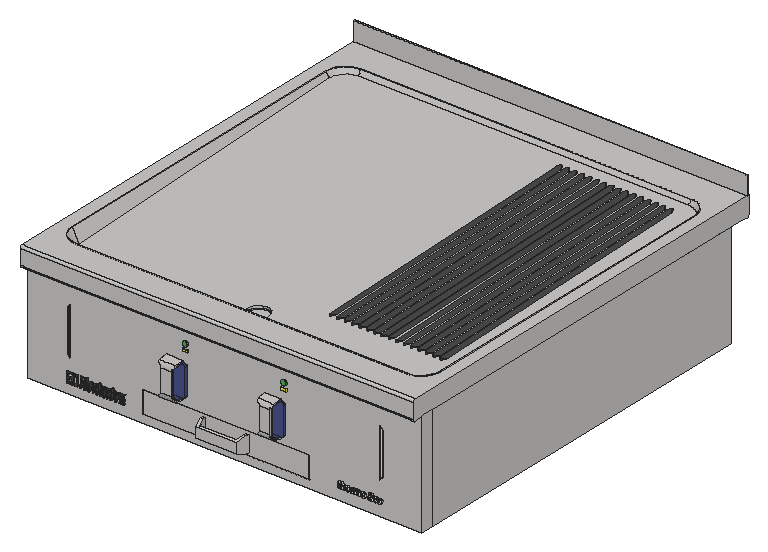
Revit family "QF_ELECTROLUXPROFESSIONAL_588539_MBHOBBHOAO", category Attrezzature speciali, Revit 2020
Family settings
  Quota connettore circolare = Usa diametro
  Tipo di parte = Normale
  Basato su piano di lavoro = No
  Sempre verticale = Sì
  Taglio con vuoti quando caricato = No
  Condiviso = No
  Punto di calcolo locali = No
Parameters (values of type "Standard")
  Weight = 120.00 kg
  Watts = 15300 W
  Volts = 400 V
  URL Manufacturer = "https://www.electroluxprofessional.com/"
  URL = "https://www.electroluxprofessional.com/"
  Steam Supply Size = 0"
  Steam Supply Minimum Pressure = 0.00 psi
  Steam Supply Maximum Pressure = 0.00 psi
  Steam Consumption per Hour = 0
  Refrigeration Suction Line Size = 0 mm
  Refrigeration Liquid Line Size = 0 mm
  Refrigerant Compressor Remote = yes
  Prospetto di default = 0 mm
  Phase = 3
  Modello = "MBHOBBHOAO"
  Produttore = "Electrolux Professional"
  Length Actual = 800 mm  # constant formula
  Item Number = "588539"
  Hot Water Size = 0"
  Height Actual = 250 mm  # constant formula
  HP = "20.5 HP"
  Gas Size = 0"
  Gas KW = 0
  Gas Input Pressure = 0.0 Btu/h
  Direct Waste Size = 0"
  Descrizione = "EL.FRYTOP,MIXED PL,1-S,BSPL,800X850X250H"
  Depth Actual = 850 mm  # constant formula
  Cycle = 50 Hz
  Condensate Return Size = 0"
  Compressed Air Volume = 0 GPM
  Compressed Air Size = 0"
  Compressed Air Pressure = 0.00 psi
  Cold Water Size = 0"
  Accessory = yes
Reference planes
  plane 1 "BACK": y = 0
  plane 2: z = 0
  plane 3 "LEFT": x = 0
  plane 4 "RIGHT": x = 800
  plane 5 "FRONT": y = -850
  plane 6 "TOP": z = 900
  plane 7 "Center (Left/Right)": x = 400
  plane 8: y = -425
  plane 9: y = -150
  plane 10: y = -65
  plane 11: y = -790
  plane 12 "EIY": y = -635
  plane 13: z = 938
  plane 14 "BaseTop": z = 650
  plane 15: y = -805
  plane 16 "Camino": y = -50
  plane 17 "EIx": x = 755
  plane 18: z = 1131
  plane 19 "PlaneRibbed": through (-6096, -65, 890) normal (0, -0.0251, 0.9997)
Forms (mm)
  Extrusion 1, solid, material "QF_Finishes_Stainless Steel"
    sketch origin (-178.969, -4572, 100) x (-1, 0, 0) y (0, -1, 0)
      loop
        line (-178.969, -4527) -> (-178.969, -3767) -> (-978.969, -3767) -> (-978.969, -4527) -> (-178.969, -4527)
    from 550 to 762.969
  Extrusion 2, solid, material "QF_Finishes_Stainless Steel"
    sketch origin (400, 296.4, 1219.2) x (0, 1, 0) y (0, 0, 1)
      loop
        line (-296.4, -319.2) -> (-1141.4, -319.2)
        arc (-1141.4, -319.2) -> (-1144.935, -320.664) -> (-1146.4, -324.2) r 5
        line (-1146.4, -324.2) -> (-1146.4, -355.2)
        arc (-1146.4, -355.2) -> (-1144.971, -358.264) -> (-1141.705, -359.139) r 4
        line (-1141.705, -359.139) -> (-1126.4, -356.231) -> (-316.4, -356.231) -> (-301.094, -359.139)
        arc (-301.094, -359.139) -> (-297.829, -358.264) -> (-296.4, -355.2) r 4
        line (-296.4, -355.2) -> (-296.4, -319.2)
    from -400 to 400
  Extrusion 3, void
    sketch origin (0, 0, 900) x (-1, 0, 0) y (0, -1, 0)
      loop
        arc (-65, 65) -> (-36.716, 76.716) -> (-25, 105) r 40
        line (-25, 105) -> (-25, 750)
        arc (-25, 750) -> (-36.716, 778.284) -> (-65, 790) r 40
        line (-65, 790) -> (-735, 790)
        arc (-735, 790) -> (-763.284, 778.284) -> (-775, 750) r 40
        line (-775, 750) -> (-775, 105)
        arc (-775, 105) -> (-763.284, 76.716) -> (-735, 65) r 40
        line (-735, 65) -> (-65, 65)
    from 0 to -30
  Extrusion 4, solid, material "QF_Finishes_Stainless Steel"
    sketch origin (400, 296.4, 1219.2) x (0, 1, 0) y (0, 0, 1)
      loop
        line (-296.4, -319.2) -> (-296.4, -281.2) -> (-298.4, -281.2) -> (-298.4, -319.2) -> (-296.4, -319.2)
    from 400 to -400
  Extrusion 5, solid, material "QF_Finishes_Stainless Steel"
    sketch origin (0, 0, 650) x (-1, 0, 0) y (0, -1, 0)
      loop
        circle (-755, 635) r 10.1
    from 0 to -10
  Sweep 6, solid, material "QF_Finishes_Stainless Steel"
    path origin (0, 0, 900) x (-1, 0, 0) y (0, -1, 0)
      loop
        line (-25, 105) -> (-25, 750)
        arc (-25, 750) -> (-36.716, 778.284) -> (-65, 790) r 40
        line (-65, 790) -> (-735, 790)
        arc (-735, 790) -> (-763.284, 778.284) -> (-775, 750) r 40
        line (-775, 750) -> (-775, 105)
        arc (-775, 105) -> (-763.284, 76.716) -> (-735, 65) r 40
        line (-735, 65) -> (-65, 65)
        arc (-65, 65) -> (-36.716, 76.716) -> (-25, 105) r 40
    profile origin (25, -427.5, 900) x (1, 0, 0) y (0, 0, 1)
      loop
        line (0, 0) -> (0, -30) -> (15, -30) -> (0, 0)
  Extrusion 7, void
    sketch origin (305.009, 0, 900) x (-1, 0, 0) y (0, -1, 0)
      loop
        circle (-94.991, 746) r 22.248
    from -32.282 to 0
  Extrusion 8, solid, material "QF_Finishes_Stainless Steel"
    sketch origin (400, 296.4, 1219.2) x (0, 1, 0) y (0, 0, 1)
      loop
        line (-1086.4, -349.2) -> (-361.4, -349.2) -> (-361.4, -329.2) -> (-1086.4, -347.399) -> (-1086.4, -349.2)
    from -375 to 375
  Extrusion 9, void
    sketch origin (305.009, 0, 900) x (-1, 0, 0) y (0, -1, 0)
      loop
        circle (-94.991, 746) r 22.248
    from -32.282 to 0
Cuts and joins
  Extrusion 3, Extrusion 7, Extrusion 9 cuts Extrusion 2
  Extrusion 9 cuts Sweep 6
  Extrusion 9 cuts Extrusion 8
  joined: Sweep 6, Extrusion 8
Lines and regions (mm)
  symbolic lines
    curve 1: line (0, 0, 100) -> (800, 0, 100)
    curve 2: line (0, -850, 100) -> (0, 0, 100)
    curve 3: line (800, -850, 100) -> (0, -850, 100)
    curve 4: line (800, 0, 100) -> (800, -850, 100)
    curve 5: line (0, -2, 0) -> (800, -2, 0)
    curve 6: line (734.029, -65, 0) -> (65.29, -65, 0)
    curve 7: line (65.29, -790, 0) -> (734.029, -790, 0)
    curve 8: line (65, -80, 900) -> (735, -80, 900)
    curve 9: line (735, -775, 900) -> (65, -775, 900)
    curve 10: arc (760, -750, 900) -> (752.678, -767.678, 900) -> (735, -775, 900) r 25
    curve 11: line (760, -105, 900) -> (760, -750, 900)
    curve 12: arc (735, -80, 900) -> (752.678, -87.322, 900) -> (760, -105, 900) r 25
    curve 13: circle (400, -746, 900) r 22.248 normal (0, 0, 1)
    curve 14: arc (90.5, -85.483, 900) -> (62.314, -97.096, 900) -> (50.5, -125.198, 900) r 39.994
    curve 15: line (90.5, -85.482, 900) -> (710.5, -85.482, 900)
    curve 16: line (50.5, -662.082, 900) -> (50.5, -125.198, 900)
    curve 17: arc (50.5, -662.082, 900) -> (62.314, -690.184, 900) -> (90.5, -701.797, 900) r 39.994
    curve 18: line (710.5, -701.798, 900) -> (90.5, -701.798, 900)
    curve 19: line (40.29, -708.526, 900) -> (760, -708.526, 900)
    curve 20: line (40.29, -718.526, 900) -> (760, -718.526, 900)
    curve 21: arc (65, -65, 900) -> (36.716, -76.716, 900) -> (25, -105, 900) r 40
    curve 22: line (25, -105, 900) -> (25, -750, 900)
    curve 23: arc (25, -750, 900) -> (36.716, -778.284, 900) -> (65, -790, 900) r 40
    curve 24: arc (735, -790, 900) -> (763.284, -778.284, 900) -> (775, -750, 900) r 40
    curve 25: line (775, -750, 900) -> (775, -105, 900)
    curve 26: arc (775, -105, 900) -> (763.284, -76.716, 900) -> (735, -65, 900) r 40
    curve 27: arc (709.5, -85.483, 900) -> (737.686, -97.096, 900) -> (749.5, -125.198, 900) r 39.994
    curve 28: line (749.5, -662.082, 900) -> (749.5, -125.198, 900)
    curve 29: arc (749.5, -662.082, 900) -> (737.686, -690.184, 900) -> (709.5, -701.797, 900) r 39.994
    curve 30: arc (65, -775, 900) -> (47.322, -767.678, 900) -> (40, -750, 900) r 25
    curve 31: line (40, -750, 900) -> (40, -105, 900)
    curve 32: arc (40, -105, 900) -> (47.322, -87.322, 900) -> (65, -80, 900) r 25
Dimensions and locks
  plane 3 "LEFT" to plane 4 "RIGHT" = 800 mm
  locked: plane 5 "FRONT" to plane 1 "BACK" at 850
  plane 3 "LEFT" to plane 7 "Center (Left/Right)" to plane 4 "RIGHT" = 400 mm, 400 mm
  equal spacing: plane 5 "FRONT", plane 8, plane 1 "BACK"
  plane 6 "TOP" to level = 900 mm  (x2)
  plane 1 "BACK" to plane 9 = 150 mm
  plane 12 "EIY" to plane 1 "BACK" = 635 mm
  plane 13 to plane 6 "TOP" = 38 mm
  plane 10 to plane 1 "BACK" = 65 mm
  plane 5 "FRONT" to plane 11 = 60 mm
  locked: plane 6 "TOP" to plane 14 "BaseTop" at 250
  locked: plane 15 to plane 5 "FRONT" at 45
  plane 16 "Camino" to plane 1 "BACK" = 50 mm
  plane 17 "EIx" to plane 4 "RIGHT" = 45 mm
  plane 18 to plane 6 "TOP" = 231 mm
  aligned and locked: level to plane 2
  aligned and locked: cut or joined group of Extrusion 2, Extrusion 3, Extrusion 7, Extrusion 9 to plane 3 "LEFT"
  aligned and locked: cut or joined group of Extrusion 2, Extrusion 3, Extrusion 7, Extrusion 9 to plane 4 "RIGHT"
  aligned and locked: nested 1 to plane 15
  aligned and locked: Extrusion 1 to plane 15
  aligned and locked: Extrusion 4 to plane 3 "LEFT"
  aligned and locked: Extrusion 4 to plane 4 "RIGHT"
  aligned and locked: plane 3 "LEFT" to nested 1
Automatic sketch dimensions
  curve 5 to plane 3 "LEFT" = 0 mm
  plane 10 to curve 6 = 0 mm
  plane 11 to curve 7 = 0 mm
  curve 5 to plane 4 "RIGHT" = 0 mm
  plane 3 "LEFT" to curve 6 = 65.29 mm
  plane 3 "LEFT" to curve 7 = 65.29 mm
  curve 6 to plane 17 "EIx" = 20.971 mm
  curve 7 to plane 17 "EIx" = 20.971 mm
  plane 1 "BACK" to curve 5 = 2 mm
  Extrusion 1 sketch curve to plane 4 "RIGHT" = 0 mm
  Extrusion 1 sketch curve to plane 3 "LEFT" = 0 mm
  Extrusion 1 sketch curve to plane 15 = 0 mm
  Extrusion 1 sketch curve to plane 16 "Camino" = 5 mm
  plane 1 "BACK" to curve 1 = 0 mm
  curve 1 to plane 4 "RIGHT" = 0 mm
  curve 3 to plane 3 "LEFT" = 0 mm
  plane 5 "FRONT" to curve 3 = 0 mm
  Extrusion 2 sketch curve to plane 5 "FRONT" = 0 mm
  Extrusion 2 sketch curve to plane 6 "TOP" = 0 mm
  Extrusion 2 sketch curve to plane 1 "BACK" = 0 mm
  Extrusion 2 sketch curve to Extrusion 2 sketch curve = 4 mm
  Extrusion 2 sketch curve to Extrusion 2 sketch curve = 0.695 mm
  Extrusion 2 sketch curve to plane 5 "FRONT" = 5 mm
  Extrusion 2 sketch curve to Extrusion 2 sketch curve = 15.305 mm
  plane 1 "BACK" to Extrusion 2 sketch curve = 20 mm
  plane 1 "BACK" to Extrusion 2 sketch curve = 4.695 mm
  plane 1 "BACK" to Extrusion 2 sketch curve = 4 mm
  Extrusion 2 sketch curve to Extrusion 2 sketch curve = 31 mm
  Extrusion 2 sketch curve to Extrusion 2 sketch curve = 36 mm
  Extrusion 2 sketch curve to Extrusion 2 sketch curve = 2.909 mm
  plane 11 to Extrusion 3 sketch curve = 0 mm
  plane 10 to Extrusion 3 sketch curve = 0 mm
  plane 17 "EIx" to Extrusion 3 sketch curve = 20 mm
  Extrusion 3 sketch curve to plane 17 "EIx" = 20 mm  (x2)
  plane 3 "LEFT" to Extrusion 3 sketch curve = 65 mm  (x2)
  plane 10 to Extrusion 3 sketch curve = 40 mm
  curve 10 to curve 24 = 0 mm  (x2)
  curve 12 to curve 26 = 0 mm  (x2)
  curve 21 to curve 32 = 0 mm  (x2)
  curve 23 to curve 30 = 0 mm  (x2)
  plane 10 to curve 26 = 0 mm
  plane 11 to curve 24 = 0 mm
  curve 13 to plane 7 "Center (Left/Right)" = 0 mm
  plane 10 to curve 21 = 0 mm
  curve 29 to plane 17 "EIx" = 45.493 mm
  curve 27 to plane 17 "EIx" = 45.493 mm
  curve 12 to plane 17 "EIx" = 20 mm
  curve 24 to plane 17 "EIx" = 20 mm
  curve 28 to plane 17 "EIx" = 5.5 mm
  plane 17 "EIx" to curve 11 = 5 mm
  curve 25 to curve 11 = 15 mm
  curve 17 to plane 12 "EIY" = 26.803 mm
  plane 3 "LEFT" to curve 17 = 90.493 mm
  plane 9 to curve 14 = 24.523 mm
  plane 3 "LEFT" to curve 14 = 90.493 mm
  curve 14 to curve 21 = 25.493 mm
  curve 23 to plane 11 = 40 mm
  plane 3 "LEFT" to curve 23 = 65 mm
  curve 17 to curve 16 = 39.993 mm
  curve 31 to curve 16 = 20.198 mm
  curve 11 to curve 28 = 20.198 mm
  plane 9 to curve 27 = 24.523 mm
  curve 29 to plane 12 "EIY" = 26.803 mm
  curve 16 to plane 12 "EIY" = 27.082 mm
  curve 28 to plane 12 "EIY" = 27.082 mm
  curve 13 to plane 11 = 44 mm
  plane 10 to curve 27 = 20.483 mm
  curve 29 to curve 29 = 0.007 mm
  curve 18 to curve 29 = 1 mm
  curve 15 to curve 27 = 1 mm
  curve 18 to curve 17 = 0.007 mm
  curve 15 to curve 8 = 25.5 mm
  curve 15 to curve 14 = 0 mm
  curve 18 to curve 17 = 0 mm
  curve 20 to curve 30 = 0.29 mm
  curve 19 to curve 20 = 0 mm
  curve 15 to curve 14 = 0.001 mm
  curve 29 to curve 18 = 0.001 mm
  curve 19 to curve 30 = 41.474 mm
  curve 19 to curve 20 = 10 mm
  Extrusion 4 sketch curve to plane 6 "TOP" = 0 mm
  Extrusion 4 sketch curve to plane 13 = 0 mm
  Extrusion 4 sketch curve to plane 1 "BACK" = 0 mm
  Extrusion 4 sketch curve to Extrusion 4 sketch curve = 2 mm
  plane 12 "EIY" to Extrusion 5 sketch curve = 0 mm
  Extrusion 5 sketch curve to plane 17 "EIx" = 0 mm
  plane 10 to Sweep 6 sketch curve = 0 mm
  plane 11 to Sweep 6 sketch curve = 0 mm
  plane 17 "EIx" to Sweep 6 sketch curve = 20 mm
  Sweep 6 sketch curve to plane 17 "EIx" = 20 mm  (x2)
  plane 3 "LEFT" to Sweep 6 sketch curve = 65 mm  (x2)
  plane 3 "LEFT" to Sweep 6 sketch curve = 25 mm
  profile plane to Sweep 6 sketch curve = 0 mm
  Sweep 6 sketch curve to plane 6 "TOP" = 0 mm
  Sweep 6 sketch curve to profile plane = 15 mm
  Sweep 6 sketch curve to plane 6 "TOP" = 30 mm
  Extrusion 7 sketch curve to plane 7 "Center (Left/Right)" = 0 mm
  Extrusion 7 sketch curve to plane 11 = 44 mm
  Extrusion 7 sketch curve to plane 7 "Center (Left/Right)" = 12.288 mm
  Extrusion 7 sketch curve to Extrusion 7 sketch curve = 0 mm
  Extrusion 7 sketch curve to Extrusion 7 sketch curve = 18.547 mm
  Extrusion 9 sketch curve to plane 7 "Center (Left/Right)" = 0 mm
  Extrusion 9 sketch curve to plane 11 = 44 mm
  Extrusion 9 sketch curve to plane 7 "Center (Left/Right)" = 12.288 mm
  Extrusion 9 sketch curve to Extrusion 9 sketch curve = 0 mm
  Extrusion 9 sketch curve to Extrusion 9 sketch curve = 18.547 mm
  Extrusion 8 sketch curve to plane 11 = 0 mm
  Extrusion 8 sketch curve to plane 10 = 0 mm
  Extrusion 8 sketch curve to plane 6 "TOP" = 30 mm
  Extrusion 8 sketch curve to plane 6 "TOP" = 10 mm
  Extrusion 8 sketch curve to Extrusion 8 sketch curve = 1.801 mm
  radius of curve 13 = 22.248 mm
  radius of Extrusion 5 sketch curve = 10.1 mm
Nested families
  nested 1: "Front_Panel_W800_Two Knobs_2Spie" at (202.376, -805, 0), type "Front_Panel_W800_Two Knobs_2Spie"
  nested 2: "Rib_D12" at (662.5, -379.667, 882.101) x (-1, 0, 0) z (0, -0.0251, 0.9997), type "Rib_D12"
    with Show Clearance yes, Lenght 588 mm
  nested 3: "Rib_D12" at (647.5, -379.667, 882.101) x (-1, 0, 0) z (0, -0.0251, 0.9997), type "Rib_D12"
    with Show Clearance yes, Lenght 588 mm
  nested 4: "Rib_D12" at (632.5, -379.667, 882.101) x (-1, 0, 0) z (0, -0.0251, 0.9997), type "Rib_D12"
    with Show Clearance yes, Lenght 588 mm
  nested 5: "Rib_D12" at (617.5, -379.667, 882.101) x (-1, 0, 0) z (0, -0.0251, 0.9997), type "Rib_D12"
    with Show Clearance yes, Lenght 588 mm
  nested 6: "Rib_D12" at (602.5, -379.667, 882.101) x (-1, 0, 0) z (0, -0.0251, 0.9997), type "Rib_D12"
    with Show Clearance yes, Lenght 588 mm
  nested 7: "Rib_D12" at (587.5, -379.667, 882.101) x (-1, 0, 0) z (0, -0.0251, 0.9997), type "Rib_D12"
    with Show Clearance yes, Lenght 588 mm
  nested 8: "Rib_D12" at (572.5, -379.667, 882.101) x (-1, 0, 0) z (0, -0.0251, 0.9997), type "Rib_D12"
    with Show Clearance yes, Lenght 588 mm
  nested 9: "Rib_D12" at (557.5, -379.667, 882.101) x (-1, 0, 0) z (0, -0.0251, 0.9997), type "Rib_D12"
    with Show Clearance yes, Lenght 588 mm
  nested 10: "Rib_D12" at (542.5, -379.667, 882.101) x (-1, 0, 0) z (0, -0.0251, 0.9997), type "Rib_D12"
    with Show Clearance yes, Lenght 588 mm
  nested 11: "Rib_D12" at (527.5, -379.667, 882.101) x (-1, 0, 0) z (0, -0.0251, 0.9997), type "Rib_D12"
    with Show Clearance yes, Lenght 588 mm
  nested 12: "Rib_D12" at (512.5, -379.667, 882.101) x (-1, 0, 0) z (0, -0.0251, 0.9997), type "Rib_D12"
    with Show Clearance yes, Lenght 588 mm
  nested 13: "Rib_D12" at (497.5, -379.667, 882.101) x (-1, 0, 0) z (0, -0.0251, 0.9997), type "Rib_D12"
    with Show Clearance yes, Lenght 588 mm
  nested 14: "Rib_D12" at (722.5, -379.667, 882.101) x (-1, 0, 0) z (0, -0.0251, 0.9997), type "Rib_D12"
    with Show Clearance yes, Lenght 588 mm
  nested 15: "Rib_D12" at (707.5, -379.667, 882.101) x (-1, 0, 0) z (0, -0.0251, 0.9997), type "Rib_D12"
    with Show Clearance yes, Lenght 588 mm
  nested 16: "Rib_D12" at (692.5, -379.667, 882.101) x (-1, 0, 0) z (0, -0.0251, 0.9997), type "Rib_D12"
    with Show Clearance yes, Lenght 588 mm
  nested 17: "Rib_D12" at (677.5, -379.667, 882.101) x (-1, 0, 0) z (0, -0.0251, 0.9997), type "Rib_D12"
    with Show Clearance yes, Lenght 588 mm
Connectors
  electrical at (755, -635, 640), driven by "Volts"
    settings: on Extrusion 5, index 1, voltage 400 V, apparent load 0 VA, apparent load phase1 0 VA, apparent load phase2 0 VA, apparent load phase3 0 VA, power factor 1, load classification "Other", number of poles 1, system type 30, power factor state 1, is connector primary yes, connector utility no, sub classification motor no, connector description "Electrical Connection"
Definition of nested family "Front_Panel_W800_Two Knobs_2Spie"
  Parameters
    Default Elevation = 0 mm
  Reference planes
    plane 1 "Center (Front/Back)": y = 0
    plane 2: z = 0
    plane 3 "Center (Left/Right)": x = 197.624
    plane 4 "Left": x = -202.376
    plane 5 "Right": x = 597.624
    plane 6: y = -45
    plane 7: x = 97.624
    plane 8: y = -310
    plane 9 "Panel": y = -25
    plane 10: x = 517.624
    plane 11: x = -122.376
    plane 12: x = 297.624
  Forms (mm)
    Extrusion 1, solid
      sketch origin (833.217, 829.203, -1.25) x (0, 1, 0) y (0, 0, 1)
        loop
          line (-854.203, 651.25) -> (-829.203, 651.25) -> (-829.203, 864.25) -> (-854.203, 864.25) -> (-854.203, 651.25)
      from -1035.593 to -235.593
    Extrusion 2, void
      sketch origin (0, -25, -10) x (0, 0, 1) y (-1, 0, 0)
        loop
          line (731.866, 122.376) -> (726.866, 117.376) -> (823.866, 117.376) -> (818.866, 122.376) -> (731.866, 122.376)
        loop
          line (731.866, -517.624) -> (818.866, -517.624) -> (823.866, -512.624) -> (726.866, -512.624) -> (731.866, -517.624)
      from 0 to -2
    Extrusion 3, void
      sketch origin (0, 0, 0) x (1, 0, 0) y (0, 0, 1)
        loop
          line (30.124, 711.866) -> (30.124, 666.866) -> (370.124, 666.866) -> (370.124, 711.866) -> (30.124, 711.866)
      from 19.387 to 25
    Extrusion 4, solid
      sketch origin (160, -25, 1.163) x (0, 0, 1) y (-1, 0, 0)
        loop
          circle (824.337, 42.376) r 5
      from 0 to 1.7
    Extrusion 5, solid
      sketch origin (330.497, -25, 1.163) x (0, 0, 1) y (-1, 0, 0)
        loop
          circle (824.337, 12.376) r 5
      from 0 to 1.7
    Extrusion 6, solid
      sketch origin (0, -25, -10) x (0, 0, 1) y (-1, 0, 0)
        loop
          line (731.866, 122.376) -> (726.866, 117.376) -> (823.866, 117.376) -> (818.866, 122.376) -> (731.866, 122.376)
        loop
          line (726.866, -512.624) -> (731.866, -517.624) -> (818.866, -517.624) -> (823.866, -512.624) -> (726.866, -512.624)
      from 0 to -2
    Extrusion 7, solid
      sketch origin (160, -25, -13.837) x (0, 0, 1) y (-1, 0, 0)
        loop
          line (829.337, 37.376) -> (829.337, 47.376) -> (824.337, 47.376) -> (824.337, 37.376) -> (829.337, 37.376)
      from 0 to 1.7
    Extrusion 8, solid
      sketch origin (360, -25, -13.837) x (0, 0, 1) y (-1, 0, 0)
        loop
          line (829.337, 37.376) -> (829.337, 47.376) -> (824.337, 47.376) -> (824.337, 37.376) -> (829.337, 37.376)
      from 0 to 1.7
    Extrusion 9, solid
      sketch origin (51.5, 0, -0.727) x (1, 0, 0) y (0, 0, 1)
        loop
          line (-21.376, 710.866) -> (-21.376, 667.866) -> (316.624, 667.866) -> (316.624, 710.866) -> (-21.376, 710.866)
      from 19.387 to 25
    Extrusion 10, solid
      sketch origin (51.5, 0, -0.727) x (1, 0, 0) y (0, 1, 0)
        loop
          line (106.059, -25) -> (100.966, -25) -> (105.646, -49.075) -> (189.603, -49.075) -> (194.283, -25) -> (189.189, -25) -> (185.481, -44.075) -> (109.767, -44.075) -> (106.059, -25)
      from 672.593 to 705.67
    Extrusion 11, void
      sketch origin (199.124, 0, -0.727) x (0, 1, 0) y (0, 0, 1)
        loop
          line (-30, 705.67) -> (-30, 710.67) -> (-56.744, 710.67) -> (-56.744, 667.593) -> (-30, 667.593) -> (-30, 672.593) -> (-53.776, 680.318) -> (-53.776, 697.945) -> (-30, 705.67)
      from -50 to 50
    Extrusion 12, solid, detail levels coarse
      sketch origin (51.5, -265, -0.727) x (1, 0, 0) y (0, 1, 0)
        loop
          line (106.164, -71.744) -> (189.084, -71.744) -> (194.283, -45) -> (316.624, -45) -> (316.624, 240) -> (-21.376, 240) -> (-21.376, -45) -> (100.966, -45) -> (106.164, -71.744)
      from 672.593 to 705.67
    Extrusion 13, void
      sketch origin (199.124, -280, -0.727) x (0, 1, 0) y (0, 0, 1)
        loop
          line (-30, 705.67) -> (-30, 710.67) -> (-56.744, 710.67) -> (-56.744, 667.593) -> (-30, 667.593) -> (-30, 672.593) -> (-53.776, 680.318) -> (-53.776, 697.945) -> (-30, 705.67)
      from -50 to 50
  Cuts and joins
    Extrusion 2, Extrusion 3 cuts Extrusion 1
    Extrusion 11 cuts Extrusion 10
    Extrusion 11, Extrusion 13 cuts Extrusion 12
  Lines and regions (mm)
    symbolic lines
      curve 1: line (31.124, -45, 0) -> (31.124, -310, 0)
      curve 2: line (31.124, -310, 0) -> (364.124, -310, 0)
      curve 3: line (132.304, -334.075, 0) -> (254.603, -334.075, 0)
      curve 4: line (254.603, -334.075, 0) -> (259.283, -310, 0)
      curve 5: line (364.124, -310, 0) -> (364.124, -45, 0)
      curve 6: line (31.124, -300, 0) -> (364.124, -300, 0)
      curve 7: line (136.426, -329.075, 0) -> (250.481, -329.075, 0)
      curve 8: line (250.481, -329.075, 0) -> (254.375, -309.046, 0)
      curve 9: line (132.304, -334.075, 0) -> (127.624, -310, 0)
      curve 10: line (136.426, -329.075, 0) -> (132.532, -309.046, 0)
  Dimensions and locks
    equal spacing: plane 5 "Right", plane 3 "Center (Left/Right)", plane 4 "Left"
    plane 5 "Right" to plane 4 "Left" = 800 mm
    plane 3 "Center (Left/Right)" to plane 7 = 100 mm
    plane 6 to plane 8 = 265 mm
    plane 12 to plane 3 "Center (Left/Right)" = 100 mm
    aligned and locked: cut or joined group of Extrusion 1, Extrusion 2, Extrusion 3 to plane 4 "Left"
    aligned and locked: plane 5 "Right" to cut or joined group of Extrusion 1, Extrusion 2, Extrusion 3
  Automatic sketch dimensions
    Extrusion 1 sketch curve to plane 9 "Panel" = 0 mm
    Extrusion 1 sketch curve to plane 1 "Center (Front/Back)" = 0 mm
    level to Extrusion 1 sketch curve = 650 mm
    Extrusion 1 sketch curve to Extrusion 1 sketch curve = 213 mm
    Extrusion 2 sketch curve to plane 11 = 0 mm
    Extrusion 2 sketch curve to plane 10 = 0 mm
    Extrusion 2 sketch curve to plane 10 = 5 mm
    level to Extrusion 2 sketch curve = 716.866 mm
    plane 11 to Extrusion 2 sketch curve = 5 mm
    Extrusion 2 sketch curve to Extrusion 2 sketch curve = 0 mm
    Extrusion 2 sketch curve to Extrusion 2 sketch curve = 5 mm  (x4)
    Extrusion 2 sketch curve to Extrusion 2 sketch curve = 87 mm  (x2)
    Extrusion 3 sketch curve to plane 7 = 67.5 mm
    plane 12 to Extrusion 3 sketch curve = 72.5 mm
    level to Extrusion 3 sketch curve = 666.866 mm
    Extrusion 3 sketch curve to Extrusion 3 sketch curve = 45 mm
    plane 7 to Extrusion 4 sketch curve = 20 mm
    level to Extrusion 4 sketch curve = 825.5 mm
    plane 12 to Extrusion 5 sketch curve = 20.497 mm
    level to Extrusion 5 sketch curve = 825.5 mm
    Extrusion 6 sketch curve to plane 11 = 0 mm
    Extrusion 6 sketch curve to plane 10 = 0 mm
    Extrusion 6 sketch curve to plane 10 = 5 mm
    level to Extrusion 6 sketch curve = 716.866 mm
    plane 11 to Extrusion 6 sketch curve = 5 mm
    Extrusion 6 sketch curve to Extrusion 6 sketch curve = 0 mm
    Extrusion 6 sketch curve to Extrusion 6 sketch curve = 5 mm  (x4)
    Extrusion 6 sketch curve to Extrusion 6 sketch curve = 87 mm  (x2)
    plane 7 to Extrusion 7 sketch curve = 25 mm
    level to Extrusion 7 sketch curve = 810.5 mm
    Extrusion 7 sketch curve to Extrusion 7 sketch curve = 5 mm
    Extrusion 7 sketch curve to Extrusion 7 sketch curve = 10 mm
    plane 12 to Extrusion 8 sketch curve = 25 mm
    level to Extrusion 8 sketch curve = 810.5 mm
    Extrusion 8 sketch curve to Extrusion 8 sketch curve = 5 mm
    Extrusion 8 sketch curve to Extrusion 8 sketch curve = 10 mm
    plane 6 to curve 1 = 0 mm
    curve 1 to plane 8 = 0 mm
    plane 6 to curve 5 = 0 mm
    curve 1 to plane 7 = 66.5 mm
    curve 10 to plane 8 = 19.075 mm
    plane 7 to curve 10 = 38.801 mm
    curve 8 to plane 12 = 47.143 mm
    curve 7 to curve 4 = 4.122 mm
    plane 12 to curve 2 = 66.5 mm
    curve 4 to curve 7 = 5 mm
    curve 9 to curve 7 = 8.801 mm
    curve 9 to curve 7 = 4.122 mm
    plane 8 to curve 10 = 0.954 mm
    curve 9 to curve 10 = 4.908 mm
    plane 8 to curve 8 = 0.954 mm
    curve 7 to curve 8 = 3.893 mm
    curve 8 to curve 4 = 4.908 mm
    curve 1 to curve 6 = 10 mm
    Extrusion 9 sketch curve to plane 7 = 67.5 mm
    plane 12 to Extrusion 9 sketch curve = 70.5 mm
    level to Extrusion 9 sketch curve = 667.139 mm
    Extrusion 9 sketch curve to Extrusion 9 sketch curve = 43 mm
    plane 9 "Panel" to Extrusion 10 sketch curve = 0 mm  (x2)
    Extrusion 10 sketch curve to plane 3 "Center (Left/Right)" = 45.158 mm
    plane 6 to Extrusion 10 sketch curve = 4.075 mm
    Extrusion 10 sketch curve to Extrusion 10 sketch curve = 4.68 mm
    Extrusion 10 sketch curve to Extrusion 10 sketch curve = 5.094 mm  (x2)
    Extrusion 10 sketch curve to plane 6 = 0.925 mm
    Extrusion 10 sketch curve to Extrusion 10 sketch curve = 4.122 mm  (x2)
    plane 3 "Center (Left/Right)" to Extrusion 10 sketch curve = 39.357 mm
    Extrusion 10 sketch curve to Extrusion 10 sketch curve = 3.708 mm
    plane 6 to Extrusion 11 sketch curve = 11.744 mm
    plane 6 to Extrusion 11 sketch curve = 8.776 mm
    plane 9 "Panel" to Extrusion 11 sketch curve = 5 mm  (x2)
    level to Extrusion 11 sketch curve = 666.866 mm
    Extrusion 11 sketch curve to Extrusion 11 sketch curve = 5 mm
    Extrusion 11 sketch curve to Extrusion 11 sketch curve = 12.725 mm  (x2)
    Extrusion 11 sketch curve to Extrusion 11 sketch curve = 17.627 mm
    Extrusion 11 sketch curve to Extrusion 11 sketch curve = 7.725 mm
    plane 9 "Panel" to Extrusion 12 sketch curve = 0 mm
    Extrusion 12 sketch curve to plane 8 = 0 mm  (x2)
    Extrusion 12 sketch curve to plane 7 = 67.5 mm
    Extrusion 12 sketch curve to plane 3 "Center (Left/Right)" = 45.158 mm
    Extrusion 12 sketch curve to Extrusion 12 sketch curve = 5.199 mm  (x2)
    plane 3 "Center (Left/Right)" to Extrusion 12 sketch curve = 42.96 mm
    plane 12 to Extrusion 12 sketch curve = 70.5 mm
    Extrusion 12 sketch curve to plane 8 = 26.744 mm
    Extrusion 13 sketch curve to plane 8 = 0 mm  (x2)
    Extrusion 13 sketch curve to plane 8 = 23.776 mm
    Extrusion 13 sketch curve to Extrusion 13 sketch curve = 2.968 mm
    level to Extrusion 13 sketch curve = 666.866 mm
    Extrusion 13 sketch curve to Extrusion 13 sketch curve = 5 mm
    Extrusion 13 sketch curve to Extrusion 13 sketch curve = 12.725 mm  (x2)
    Extrusion 13 sketch curve to Extrusion 13 sketch curve = 17.627 mm
    Extrusion 13 sketch curve to Extrusion 13 sketch curve = 7.725 mm
    radius of Extrusion 4 sketch curve = 5 mm
    radius of Extrusion 5 sketch curve = 5 mm
  Nested families
    nested 1: "Range Control Handle" at (97.851, -28.137, -209.113) x (-1, 0, 0) z (0, 0, 1), type "Range Control Handle"
    nested 2: "Range Control Handle" at (297.398, -28.137, -209.113), type "Range Control Handle"
    nested 3: "ELX_ThermaLine_Small" at (468.838, -25, 679.426) x (1, 0, 0) z (0, -1, 0), type "ELX_ThermaLine_Small"
      with Show Logo yes, Material_Logo none
    nested 4: "ELX_Professional_Logo_Small" at (-62.89, -25, 681.659) x (1, 0, 0) z (0, -1, 0), type "ELX_Professional_Logo_Small"
      with Show Logo yes, Material_Logo none
  Definition of nested family "Range Control Handle"
    Parameters
      Default Elevation = 0 mm
    Reference planes
      plane 1 "Center (Front/Back)": y = 0
      plane 2: z = 0
      plane 3 "Center (Left/Right)": x = 0
      plane 4: z = 971.092
      plane 5: y = -16.9
    Forms (mm)
      Extrusion 1, solid
        sketch origin (-746.28, 380.497, 208.931) x (-1, 0, 0) y (0, 0, 1)
          loop
            line (-770.101, 786.798) -> (-770.101, 731.649)
            arc (-770.101, 731.649) -> (-769.759, 730.563) -> (-768.855, 729.87) r 1.893
            line (-768.855, 729.87) -> (-763.474, 727.911) -> (-729.81, 727.911) -> (-724.428, 729.87)
            arc (-724.428, 729.87) -> (-723.525, 730.563) -> (-723.183, 731.649) r 1.893
            line (-723.183, 731.649) -> (-723.183, 786.798)
            arc (-723.183, 786.798) -> (-723.529, 787.894) -> (-724.44, 788.593) r 1.91
            line (-724.44, 788.593) -> (-729.683, 790.819) -> (-763.601, 790.819) -> (-768.844, 788.593)
            arc (-768.844, 788.593) -> (-769.755, 787.894) -> (-770.101, 786.798) r 1.91
        from -382.35 to -378.852
      Sweep 2, solid
        path origin (-746.788, 380.496, 208.091) x (0, -1, 0) y (0, 0, 1)
          loop
            line (379.775, 793.281) -> (395.661, 791.048)
            arc (395.661, 791.048) -> (397.781, 787.377) -> (398.517, 783.202) r 12.207
            line (398.517, 783.202) -> (398.517, 737.368)
            arc (398.517, 737.368) -> (397.781, 733.193) -> (395.661, 729.522) r 12.207
            line (395.661, 729.522) -> (379.775, 727.289)
        profile origin (-746.788, -7.222, 1000.256) x (0, -0.139173, 0.990268) y (-1, 0, 0)
          loop
            line (0.782, -763.123) -> (0.782, -730.907) -> (-1.322, -730.907) -> (-1.322, -763.123) -> (0.782, -763.123)
      Sweep 3, solid
        path origin (-746.788, 380.715, 207.832) x (0, -1, 0) y (0, 0, 1)
          loop
            line (380.478, 795.442) -> (397.218, 793.09)
            arc (397.218, 793.09) -> (399.929, 788.473) -> (400.871, 783.202) r 15.207
            line (400.871, 783.202) -> (400.871, 737.584)
            arc (400.871, 737.584) -> (399.914, 732.274) -> (397.164, 727.633) r 15.207
            line (397.164, 727.633) -> (380.601, 725.305)
        profile origin (-746.788, -8.132, 1002.099) x (0, -0.139173, 0.990268) y (-1, 0, 0)
          loop
            line (0.782, -763.123) -> (0.782, -730.907) -> (-1.322, -730.907) -> (-1.322, -763.123) -> (0.782, -763.123)
      Extrusion 4, void
        sketch origin (889.253, 220.666, 207.993) x (1, 0, 0) y (0, 0, 1)
          loop
            line (-943.038, 816.854) -> (-943.038, 703.686) -> (-899.466, 734.196) -> (-899.466, 786.344) -> (-943.038, 816.854)
        from 230.636 to 242.25
      Extrusion 5, void
        sketch origin (-888.8, 220.666, 207.993) x (-1, 0, 0) y (0, 0, -1)
          loop
            line (-943.038, -816.854) -> (-899.466, -786.344) -> (-899.466, -734.196) -> (-943.038, -703.686) -> (-943.038, -816.854)
        from 230.636 to 242.25
      Extrusion 6, solid
        sketch origin (0, 0, 0) x (1, 0, 0) y (0, 0, 1)
          loop
            circle (0, 971.092) r 7.736
        from -3.137 to -1.645
    Cuts and joins
      Extrusion 4, Extrusion 5 cuts Sweep 3
      Extrusion 4, Extrusion 5 cuts Sweep 2
      joined: Extrusion 1, Extrusion 6
    Lines and regions (mm)
      symbolic lines
        curve 1: line (16.334, -16.9, 0) -> (16.334, -19.227, 0)
        curve 2: spline (16.334, -19.227, 0) -> (15.87, -19.385, 0) -> (15.404, -19.536, 0) -> (14.936, -19.678, 0) -> (14.466, -19.813, 0) -> (13.995, -19.94, 0) -> (13.523, -20.059, 0) -> (13.049, -20.171, 0) -> (12.575, -20.274, 0) -> (12.099, -20.37, 0) -> (11.622, -20.458, 0) -> (11.144, -20.537, 0) -> (10.666, -20.609, 0)
        curve 3: line (10.666, -16.9, 0) -> (10.666, -20.938, 0)
        curve 4: line (-10.213, -20.938, 0) -> (10.666, -20.938, 0)
        curve 5: line (-10.213, -20.938, 0) -> (-10.213, -16.9, 0)
        curve 6: spline (-10.213, -20.609, 0) -> (-10.691, -20.537, 0) -> (-11.169, -20.458, 0) -> (-11.646, -20.37, 0) -> (-12.122, -20.274, 0) -> (-12.597, -20.171, 0) -> (-13.07, -20.059, 0) -> (-13.542, -19.94, 0) -> (-14.013, -19.813, 0) -> (-14.483, -19.678, 0) -> (-14.951, -19.536, 0) -> (-15.417, -19.385, 0) -> (-15.881, -19.227, 0)
        curve 7: line (-15.881, -19.227, 0) -> (-15.881, -16.9, 0)
  Definition of nested family "ELX_ThermaLine_Small"
    Parameters
      Show Logo [instance] = yes
      Material_Logo [instance] = none
      Default Elevation = 0 mm
    Reference planes
      plane 1 "Centro (Fronte/Retro)": y = 0
      plane 2: z = 0
      plane 3 "Centro (Sinistra/Destra)": x = 0
    Forms (mm)
      Extrusion 1, solid
        sketch origin (0, 0, 0) x (1, 0, 0) y (0, 1, 0)
          loop
            line (-1219.2, 1219.2) -> (-1219.2, -1219.2) -> (1219.2, -1219.2) -> (1219.2, 1219.2) -> (-1219.2, 1219.2)
        from 0 to -304.8
      Extrusion 2, solid
        sketch origin (0, 0, 0) x (1, 0, 0) y (0, 1, 0)
          loop
            line (-37.494, 1.229) -> (-35.908, 1.229) -> (-35.908, 3.066) -> (-37.494, 3.066) -> (-37.494, 6.221) -> (-39.867, 4.881) -> (-39.867, 3.066) -> (-40.969, 3.066) -> (-40.969, 1.229) -> (-39.867, 1.229) -> (-39.867, -3.407)
            arc (-39.867, -3.407) -> (-38.982, -5.513) -> (-36.751, -6.001) r 2.478
            line (-36.751, -6.001) -> (-35.638, -5.7) -> (-35.9, -3.835) -> (-36.661, -4.039)
            arc (-36.661, -4.039) -> (-37.236, -3.924) -> (-37.494, -3.399) r 0.662
            line (-37.494, -3.399) -> (-37.494, 1.229)
          loop
            line (-34.242, 6.539) -> (-34.242, -5.848) -> (-31.854, -5.848) -> (-31.854, -0.078)
            arc (-31.854, -0.078) -> (-30.939, 1.249) -> (-29.33, 1.367) r 1.866
            arc (-29.33, 1.367) -> (-28.695, 0.768) -> (-28.461, -0.073) r 1.627
            line (-28.461, -0.073) -> (-28.461, -5.848) -> (-26.086, -5.848) -> (-26.064, -0.46)
            arc (-26.064, -0.46) -> (-26.261, 0.932) -> (-26.786, 2.237) r 5.825
            arc (-26.786, 2.237) -> (-29.381, 3.264) -> (-31.854, 1.971) r 3.353
            line (-31.854, 1.971) -> (-31.854, 6.539) -> (-34.242, 6.539)
          loop
            arc (-18.398, -0.598) -> (-18.893, 0.879) -> (-20.326, 1.487) r 1.897
            arc (-20.326, 1.487) -> (-21.461, 0.708) -> (-21.897, -0.598) r 2.164
            line (-21.897, -0.598) -> (-18.398, -0.598)
          loop
            arc (-16.021, -2.044) -> (-16.754, 1.227) -> (-19.444, 3.226) r 4.814
            arc (-19.444, 3.226) -> (-22.137, 2.788) -> (-23.943, 0.743) r 4.054
            arc (-23.943, 0.743) -> (-24.382, -1.249) -> (-24.162, -3.276) r 6.289
            arc (-24.162, -3.276) -> (-23.302, -4.71) -> (-21.958, -5.705) r 4.28
            arc (-21.958, -5.705) -> (-18.558, -5.814) -> (-16.152, -3.409) r 4.28
            line (-16.152, -3.409) -> (-18.5, -2.995)
            arc (-18.5, -2.995) -> (-19.273, -3.994) -> (-20.533, -4.076) r 1.536
            arc (-20.533, -4.076) -> (-21.56, -3.281) -> (-21.958, -2.044) r 2.197
            line (-21.958, -2.044) -> (-16.021, -2.044)
          loop
            line (-14.165, -5.848) -> (-11.819, -5.848) -> (-11.819, -2.138)
            arc (-11.819, -2.138) -> (-11.787, -1.156) -> (-11.637, -0.185) r 8.18
            arc (-11.637, -0.185) -> (-10.644, 0.972) -> (-9.132, 0.776) r 1.603
            line (-9.132, 0.776) -> (-8.419, 2.846)
            arc (-8.419, 2.846) -> (-10.432, 3.118) -> (-11.994, 1.821) r 2.527
            line (-11.994, 1.821) -> (-11.994, 3.094) -> (-14.165, 3.094) -> (-14.165, -5.848)
          loop
            line (-7.579, 3.094) -> (-7.579, -5.848) -> (-5.178, -5.848) -> (-5.178, -0.756)
            arc (-5.178, -0.756) -> (-4.727, 0.679) -> (-3.417, 1.419) r 2.05
            arc (-3.417, 1.419) -> (-2.499, 0.908) -> (-2.155, -0.085) r 1.471
            line (-2.155, -0.085) -> (-2.155, -5.848) -> (0.23, -5.848) -> (0.23, -1.001)
            arc (0.23, -1.001) -> (0.47, 0.127) -> (1.148, 1.061) r 2.775
            arc (1.148, 1.061) -> (2.225, 1.329) -> (3.05, 0.587) r 1.182
            arc (3.05, 0.587) -> (3.199, -0.019) -> (3.214, -0.642) r 2.894
            line (3.214, -0.642) -> (3.214, -5.848) -> (5.601, -5.848) -> (5.601, 0.261)
            arc (5.601, 0.261) -> (4.87, 2.263) -> (2.976, 3.241) r 2.932
            arc (2.976, 3.241) -> (1.284, 2.973) -> (-0.047, 1.896) r 3.309
            arc (-0.047, 1.896) -> (-1.116, 2.865) -> (-2.506, 3.258) r 3.16
            arc (-2.506, 3.258) -> (-4.105, 2.942) -> (-5.376, 1.92) r 3.419
            line (-5.376, 1.92) -> (-5.376, 3.094) -> (-7.579, 3.094)
          loop
            line (7.583, 0.738) -> (9.702, 0.364)
            arc (9.702, 0.364) -> (11.441, 1.492) -> (12.855, -0.023) r 1.613
            line (12.855, -0.023) -> (9.782, -0.789)
            arc (9.782, -0.789) -> (8.559, -1.346) -> (7.617, -2.305) r 3.687
            arc (7.617, -2.305) -> (7.499, -3.681) -> (7.901, -5.003) r 3.651
            arc (7.901, -5.003) -> (9.107, -5.766) -> (10.515, -6.006) r 3.635
            arc (10.515, -6.006) -> (11.898, -5.697) -> (13.067, -4.895) r 3.734
            line (13.067, -4.895) -> (13.376, -5.848) -> (15.75, -5.848) -> (15.212, -4.193) -> (15.212, 0.38)
            arc (15.212, 0.38) -> (14.897, 1.849) -> (13.818, 2.895) r 2.585
            arc (13.818, 2.895) -> (11.792, 3.442) -> (9.719, 3.11) r 5.005
            arc (9.719, 3.11) -> (8.369, 2.178) -> (7.583, 0.738) r 3.54
          loop
            line (19.723, -5.848) -> (22.233, -5.848) -> (24.854, 6.484) -> (22.345, 6.484) -> (19.723, -5.848)
          loop
            line (24.583, -5.848) -> (26.953, -5.848) -> (28.848, 3.066) -> (26.478, 3.066) -> (24.583, -5.848)
          loop
            line (27.204, 6.484) -> (26.741, 4.305) -> (29.111, 4.305) -> (29.575, 6.484) -> (27.204, 6.484)
          loop
            line (29.355, -5.848) -> (31.849, -5.848) -> (33.098, 0.028)
            arc (33.098, 0.028) -> (34.169, 1.306) -> (35.832, 1.422) r 2.132
            arc (35.832, 1.422) -> (36.324, 0.752) -> (36.383, -0.078) r 1.5
            line (36.383, -0.078) -> (35.157, -5.848) -> (37.536, -5.848) -> (38.936, 0.738)
            arc (38.936, 0.738) -> (38.775, 2.091) -> (37.825, 3.066) r 2.118
            arc (37.825, 3.066) -> (35.392, 3.175) -> (33.295, 1.937) r 4.271
            line (33.295, 1.937) -> (33.535, 3.066) -> (31.25, 3.066) -> (29.355, -5.848)
          loop
            line (42.792, -0.64) -> (46.589, -0.64)
            arc (46.589, -0.64) -> (46.639, 0.124) -> (46.327, 0.823) r 1.589
            arc (46.327, 0.823) -> (45.117, 1.521) -> (43.762, 1.183) r 1.865
            arc (43.762, 1.183) -> (43.141, 0.344) -> (42.792, -0.64) r 3.538
          loop
            line (42.565, -2.138) -> (48.593, -2.138)
            arc (48.593, -2.138) -> (48.58, 0.597) -> (46.983, 2.818) r 4.494
            arc (46.983, 2.818) -> (44.191, 3.28) -> (41.725, 1.891) r 4.26
            arc (41.725, 1.891) -> (40.503, -0.3) -> (40.284, -2.799) r 6.003
            arc (40.284, -2.799) -> (40.959, -4.468) -> (42.377, -5.576) r 3.482
            arc (42.377, -5.576) -> (44.265, -5.961) -> (46.152, -5.576) r 4.823
            arc (46.152, -5.576) -> (47.432, -4.731) -> (48.328, -3.485) r 4.245
            line (48.328, -3.485) -> (46.168, -3.105)
            arc (46.168, -3.105) -> (45.214, -4.072) -> (43.859, -4.181) r 1.953
            arc (43.859, -4.181) -> (42.821, -3.408) -> (42.565, -2.138) r 1.81
          loop
            line (12.868, -1.553) -> (10.216, -2.214)
            arc (10.216, -2.214) -> (9.747, -3.136) -> (10.216, -4.058) r 1.14
            arc (10.216, -4.058) -> (11.537, -4.249) -> (12.614, -3.46) r 1.763
            arc (12.614, -3.46) -> (12.858, -2.522) -> (12.868, -1.553) r 3.97
        from 0 to 1.6
    Dimensions and locks
      aligned and locked: plane 2 to Extrusion 1
      aligned and locked: level to Extrusion 1
  Definition of nested family "ELX_Professional_Logo_Small"
    Parameters
      Show Logo [instance] = yes
      Material_Logo [instance] = none
      Default Elevation = 0 mm
    Reference planes
      plane 1 "Centro (Fronte/Retro)": y = 0
      plane 2: z = 0
      plane 3 "Centro (Sinistra/Destra)": x = 0
    Forms (mm)
      Extrusion 1, solid
        sketch origin (0, 0, 0) x (1, 0, 0) y (0, 1, 0)
          loop
            line (-1219.2, 1219.2) -> (-1219.2, -1219.2) -> (1219.2, -1219.2) -> (1219.2, 1219.2) -> (-1219.2, 1219.2)
        from 0 to -304.8
      Extrusion 2, solid, material <- "Material_Logo"
        sketch origin (15.5, 0, 0) x (1, 0, 0) y (0, 1, 0)
          loop
            spline (-42.99, -1.24) -> (-43.195, -1.231) -> (-43.415, -1.203) -> (-43.642, -1.152) -> (-43.87, -1.074) -> (-44.095, -0.966) -> (-44.309, -0.825) -> (-44.506, -0.647) -> (-44.681, -0.429) -> (-44.828, -0.167) -> (-44.94, 0.142) -> (-45.011, 0.501) -> (-45.037, 0.915)
            line (-45.037, 0.915) -> (-45.037, 2.748) -> (-38.984, 2.748) -> (-38.984, 5.086) -> (-45.038, 5.086) -> (-45.038, 8.489) -> (-38.599, 8.489) -> (-38.599, 10.82) -> (-47.515, 10.82) -> (-47.515, 1.021)
            spline (-47.515, 1.021) -> (-47.493, 0.418) -> (-47.425, -0.15) -> (-47.311, -0.682) -> (-47.15, -1.175) -> (-46.939, -1.628) -> (-46.678, -2.038) -> (-46.365, -2.404) -> (-46, -2.723) -> (-45.58, -2.995) -> (-45.105, -3.216) -> (-44.573, -3.385) -> (-43.983, -3.499)
            line (-43.983, -3.499) -> (-43.01, -3.569) -> (-38.426, -3.569) -> (-38.426, -1.24) -> (-42.99, -1.24)
          loop
            line (-36.666, 4.021) -> (-36.666, -3.573) -> (-34.188, -3.573) -> (-34.188, 10.824) -> (-36.666, 10.824) -> (-36.666, 4.021)
          loop
            spline (-21.915, 1.897) -> (-21.957, 2.615) -> (-22.082, 3.303) -> (-22.285, 3.955) -> (-22.563, 4.564) -> (-22.913, 5.124) -> (-23.331, 5.629) -> (-23.814, 6.074) -> (-24.359, 6.451) -> (-24.961, 6.755) -> (-25.618, 6.98) -> (-26.326, 7.119) -> (-27.081, 7.167)
            spline (-27.081, 7.167) -> (-27.853, 7.122) -> (-28.586, 6.99) -> (-29.275, 6.774) -> (-29.915, 6.478) -> (-30.5, 6.104) -> (-31.024, 5.657) -> (-31.483, 5.138) -> (-31.871, 4.553) -> (-32.182, 3.904) -> (-32.411, 3.194) -> (-32.552, 2.427) -> (-32.6, 1.606)
            spline (-32.6, 1.606) -> (-32.553, 0.805) -> (-32.416, 0.057) -> (-32.193, -0.637) -> (-31.887, -1.271) -> (-31.504, -1.843) -> (-31.048, -2.35) -> (-30.523, -2.788) -> (-29.934, -3.154) -> (-29.284, -3.444) -> (-28.579, -3.656) -> (-27.822, -3.785) -> (-27.019, -3.829)
            spline (-27.019, -3.829) -> (-26.627, -3.82) -> (-26.239, -3.79) -> (-25.856, -3.739) -> (-25.477, -3.663) -> (-25.103, -3.562) -> (-24.734, -3.432) -> (-24.369, -3.273) -> (-24.01, -3.082) -> (-23.655, -2.858) -> (-23.305, -2.597) -> (-22.96, -2.299) -> (-22.621, -1.962)
            line (-22.621, -1.962) -> (-24.114, -0.509)
            spline (-24.114, -0.509) -> (-24.311, -0.699) -> (-24.509, -0.872) -> (-24.71, -1.03) -> (-24.915, -1.172) -> (-25.126, -1.297) -> (-25.346, -1.407) -> (-25.576, -1.5) -> (-25.817, -1.576) -> (-26.072, -1.636) -> (-26.342, -1.678) -> (-26.629, -1.704) -> (-26.936, -1.713)
            spline (-26.936, -1.713) -> (-27.384, -1.691) -> (-27.805, -1.625) -> (-28.196, -1.518) -> (-28.556, -1.372) -> (-28.882, -1.187) -> (-29.174, -0.966) -> (-29.429, -0.71) -> (-29.645, -0.422) -> (-29.821, -0.102) -> (-29.955, 0.247) -> (-30.045, 0.623) -> (-30.089, 1.026)
            line (-30.089, 1.026) -> (-21.956, 1.026) -> (-21.915, 1.897)
          loop
            spline (-24.446, 2.769) -> (-24.47, 3.075) -> (-24.54, 3.37) -> (-24.654, 3.65) -> (-24.807, 3.913) -> (-24.996, 4.156) -> (-25.219, 4.376) -> (-25.472, 4.57) -> (-25.753, 4.736) -> (-26.057, 4.869) -> (-26.382, 4.968) -> (-26.724, 5.03) -> (-27.081, 5.051)
            spline (-27.081, 5.051) -> (-27.464, 5.03) -> (-27.832, 4.97) -> (-28.183, 4.872) -> (-28.513, 4.74) -> (-28.819, 4.577) -> (-29.099, 4.384) -> (-29.347, 4.165) -> (-29.563, 3.923) -> (-29.742, 3.659) -> (-29.881, 3.377) -> (-29.977, 3.079) -> (-30.027, 2.769)
            line (-30.027, 2.769) -> (-24.446, 2.769)
          loop
            spline (-18.167, 1.669) -> (-18.138, 2.13) -> (-18.055, 2.567) -> (-17.921, 2.978) -> (-17.739, 3.358) -> (-17.512, 3.705) -> (-17.243, 4.016) -> (-16.937, 4.287) -> (-16.596, 4.517) -> (-16.223, 4.7) -> (-15.823, 4.835) -> (-15.398, 4.919) -> (-14.951, 4.947)
            spline (-14.951, 4.947) -> (-14.677, 4.938) -> (-14.414, 4.913) -> (-14.162, 4.871) -> (-13.921, 4.812) -> (-13.69, 4.738) -> (-13.467, 4.649) -> (-13.254, 4.544) -> (-13.048, 4.424) -> (-12.85, 4.291) -> (-12.659, 4.143) -> (-12.474, 3.981) -> (-12.295, 3.806)
            line (-12.295, 3.806) -> (-10.76, 5.403)
            spline (-10.76, 5.403) -> (-11.065, 5.709) -> (-11.38, 5.984) -> (-11.703, 6.228) -> (-12.035, 6.443) -> (-12.375, 6.63) -> (-12.723, 6.788) -> (-13.078, 6.92) -> (-13.44, 7.026) -> (-13.809, 7.107) -> (-14.184, 7.164) -> (-14.564, 7.198) -> (-14.951, 7.209)
            spline (-14.951, 7.209) -> (-15.725, 7.161) -> (-16.467, 7.02) -> (-17.169, 6.792) -> (-17.826, 6.482) -> (-18.43, 6.096) -> (-18.976, 5.637) -> (-19.455, 5.112) -> (-19.862, 4.525) -> (-20.19, 3.882) -> (-20.433, 3.189) -> (-20.584, 2.449) -> (-20.635, 1.669)
            spline (-20.635, 1.669) -> (-20.584, 0.889) -> (-20.433, 0.149) -> (-20.19, -0.545) -> (-19.862, -1.187) -> (-19.455, -1.774) -> (-18.976, -2.299) -> (-18.43, -2.758) -> (-17.826, -3.145) -> (-17.169, -3.454) -> (-16.467, -3.682) -> (-15.725, -3.823) -> (-14.951, -3.871)
            spline (-14.951, -3.871) -> (-14.564, -3.86) -> (-14.184, -3.826) -> (-13.809, -3.77) -> (-13.44, -3.689) -> (-13.078, -3.583) -> (-12.723, -3.451) -> (-12.375, -3.292) -> (-12.035, -3.105) -> (-11.703, -2.89) -> (-11.38, -2.646) -> (-11.065, -2.371) -> (-10.76, -2.066)
            line (-10.76, -2.066) -> (-12.295, -0.468)
            spline (-12.295, -0.468) -> (-12.474, -0.643) -> (-12.659, -0.805) -> (-12.85, -0.953) -> (-13.048, -1.087) -> (-13.254, -1.206) -> (-13.467, -1.311) -> (-13.69, -1.4) -> (-13.921, -1.475) -> (-14.162, -1.533) -> (-14.414, -1.575) -> (-14.677, -1.6) -> (-14.951, -1.609)
            spline (-14.951, -1.609) -> (-15.398, -1.581) -> (-15.823, -1.497) -> (-16.223, -1.362) -> (-16.596, -1.179) -> (-16.937, -0.95) -> (-17.243, -0.678) -> (-17.512, -0.367) -> (-17.739, -0.02) -> (-17.921, 0.36) -> (-18.055, 0.771) -> (-18.138, 1.208) -> (-18.167, 1.669)
          loop
            spline (-4.441, -1.243) -> (-4.659, -1.247) -> (-4.894, -1.23) -> (-5.137, -1.19) -> (-5.384, -1.121) -> (-5.628, -1.021) -> (-5.864, -0.884) -> (-6.084, -0.708) -> (-6.283, -0.488) -> (-6.454, -0.219) -> (-6.592, 0.101) -> (-6.69, 0.478) -> (-6.742, 0.914)
            line (-6.742, 0.914) -> (-6.742, 4.587) -> (-4.487, 4.587) -> (-4.487, 6.838) -> (-6.738, 6.838) -> (-6.738, 10.824) -> (-9.217, 10.824) -> (-9.217, 0.773)
            spline (-9.217, 0.773) -> (-9.164, 0.19) -> (-9.068, -0.358) -> (-8.928, -0.87) -> (-8.742, -1.343) -> (-8.511, -1.777) -> (-8.232, -2.168) -> (-7.904, -2.515) -> (-7.527, -2.816) -> (-7.098, -3.069) -> (-6.618, -3.273) -> (-6.084, -3.426) -> (-5.496, -3.525)
            line (-5.496, -3.525) -> (-4.45, -3.573) -> (-4.441, -1.243)
          loop
            spline (3.898, 6.983) -> (3.469, 7.009) -> (3.056, 7.001) -> (2.661, 6.961) -> (2.283, 6.888) -> (1.925, 6.785) -> (1.588, 6.652) -> (1.272, 6.49) -> (0.979, 6.301) -> (0.71, 6.085) -> (0.465, 5.844) -> (0.247, 5.578) -> (0.056, 5.289)
            line (0.056, 5.289) -> (0.056, 6.838) -> (-2.402, 6.838) -> (-2.402, -3.572) -> (0.056, -3.572) -> (0.056, 1.901)
            spline (0.056, 1.901) -> (0.079, 2.316) -> (0.145, 2.703) -> (0.254, 3.06) -> (0.404, 3.386) -> (0.592, 3.679) -> (0.818, 3.938) -> (1.08, 4.162) -> (1.375, 4.348) -> (1.703, 4.495) -> (2.062, 4.602) -> (2.45, 4.668) -> (2.865, 4.69)
            line (2.865, 4.69) -> (3.898, 4.586) -> (3.898, 6.983)
          loop
            spline (15.638, 1.633) -> (15.586, 2.396) -> (15.435, 3.124) -> (15.192, 3.81) -> (14.863, 4.449) -> (14.455, 5.034) -> (13.975, 5.56) -> (13.43, 6.021) -> (12.826, 6.411) -> (12.17, 6.724) -> (11.469, 6.955) -> (10.729, 7.098) -> (9.958, 7.147)
            spline (9.958, 7.147) -> (9.182, 7.098) -> (8.44, 6.955) -> (7.737, 6.724) -> (7.081, 6.411) -> (6.477, 6.021) -> (5.933, 5.56) -> (5.454, 5.034) -> (5.048, 4.449) -> (4.721, 3.81) -> (4.479, 3.124) -> (4.329, 2.396) -> (4.277, 1.633)
            spline (4.277, 1.633) -> (4.329, 0.869) -> (4.479, 0.141) -> (4.721, -0.544) -> (5.048, -1.183) -> (5.454, -1.768) -> (5.933, -2.294) -> (6.477, -2.755) -> (7.081, -3.145) -> (7.737, -3.459) -> (8.44, -3.69) -> (9.182, -3.833) -> (9.958, -3.882)
            spline (9.958, -3.882) -> (10.729, -3.833) -> (11.469, -3.69) -> (12.17, -3.459) -> (12.826, -3.145) -> (13.43, -2.755) -> (13.975, -2.294) -> (14.455, -1.768) -> (14.863, -1.183) -> (15.192, -0.544) -> (15.435, 0.141) -> (15.586, 0.869) -> (15.638, 1.633)
          loop
            spline (13.18, 1.633) -> (13.151, 2.083) -> (13.067, 2.513) -> (12.932, 2.918) -> (12.748, 3.296) -> (12.52, 3.642) -> (12.251, 3.954) -> (11.943, 4.227) -> (11.601, 4.459) -> (11.228, 4.645) -> (10.828, 4.782) -> (10.403, 4.867) -> (9.958, 4.896)
            spline (9.958, 4.896) -> (9.509, 4.867) -> (9.081, 4.782) -> (8.679, 4.645) -> (8.306, 4.459) -> (7.964, 4.227) -> (7.658, 3.954) -> (7.39, 3.642) -> (7.163, 3.296) -> (6.981, 2.918) -> (6.847, 2.513) -> (6.765, 2.083) -> (6.736, 1.633)
            spline (6.736, 1.633) -> (6.765, 1.182) -> (6.847, 0.753) -> (6.981, 0.347) -> (7.163, -0.031) -> (7.39, -0.377) -> (7.658, -0.689) -> (7.964, -0.962) -> (8.306, -1.193) -> (8.679, -1.38) -> (9.081, -1.517) -> (9.509, -1.602) -> (9.958, -1.631)
            spline (9.958, -1.631) -> (10.403, -1.602) -> (10.828, -1.517) -> (11.228, -1.38) -> (11.601, -1.193) -> (11.943, -0.962) -> (12.251, -0.689) -> (12.52, -0.377) -> (12.748, -0.031) -> (12.932, 0.347) -> (13.067, 0.753) -> (13.151, 1.182) -> (13.18, 1.633)
          loop
            line (17.162, 4.269) -> (17.162, -3.573) -> (19.642, -3.573) -> (19.642, 10.824) -> (17.162, 10.824) -> (17.162, 4.269)
          loop
            line (28.581, 6.838) -> (28.581, 0.786)
            spline (28.581, 0.786) -> (28.561, 0.393) -> (28.503, 0.038) -> (28.409, -0.279) -> (28.281, -0.559) -> (28.122, -0.802) -> (27.933, -1.011) -> (27.717, -1.185) -> (27.476, -1.325) -> (27.213, -1.433) -> (26.929, -1.509) -> (26.626, -1.554) -> (26.308, -1.569)
            spline (26.308, -1.569) -> (25.99, -1.554) -> (25.688, -1.509) -> (25.404, -1.434) -> (25.141, -1.326) -> (24.9, -1.187) -> (24.684, -1.014) -> (24.496, -0.807) -> (24.336, -0.565) -> (24.209, -0.288) -> (24.115, 0.026) -> (24.057, 0.376) -> (24.037, 0.765)
            line (24.037, 0.765) -> (24.037, 6.838) -> (21.537, 6.838) -> (21.537, 0.558)
            spline (21.537, 0.558) -> (21.581, -0.153) -> (21.71, -0.8) -> (21.916, -1.384) -> (22.195, -1.904) -> (22.54, -2.362) -> (22.944, -2.757) -> (23.403, -3.09) -> (23.909, -3.362) -> (24.456, -3.572) -> (25.04, -3.722) -> (25.652, -3.811) -> (26.288, -3.841)
            spline (26.288, -3.841) -> (26.929, -3.811) -> (27.547, -3.72) -> (28.135, -3.568) -> (28.687, -3.355) -> (29.197, -3.079) -> (29.66, -2.741) -> (30.068, -2.341) -> (30.415, -1.877) -> (30.696, -1.349) -> (30.905, -0.757) -> (31.034, -0.101) -> (31.079, 0.621)
            line (31.079, 0.621) -> (31.079, 6.838) -> (28.581, 6.838)
          loop
            line (40.457, -0.243) -> (38.894, 1.942) -> (40.83, 4.579) -> (42.488, 6.837) -> (39.782, 6.837) -> (37.53, 3.719) -> (35.258, 6.837) -> (32.573, 6.837) -> (34.113, 4.731) -> (36.167, 1.922) -> (34.014, -1.076) -> (32.222, -3.573) -> (34.887, -3.573) -> (37.53, 0.104) -> (40.174, -3.573) -> (42.839, -3.573) -> (40.457, -0.243)
          loop
            line (-46.121, -5.837) -> (-48.039, -5.837) -> (-48.039, -10.814) -> (-47.016, -10.814) -> (-47.016, -9.128) -> (-46.121, -9.128)
            arc (-46.121, -9.128) -> (-44.476, -7.482) -> (-46.121, -5.837) r 1.645
          loop
            line (-46.163, -6.778) -> (-47.016, -6.778) -> (-47.016, -8.187) -> (-46.163, -8.187)
            arc (-46.163, -8.187) -> (-45.458, -7.482) -> (-46.163, -6.778) r 0.704
          loop
            line (-38.313, -5.837) -> (-40.265, -5.837) -> (-40.265, -10.814) -> (-39.241, -10.814) -> (-39.241, -9.1) -> (-38.46, -9.182) -> (-37.48, -10.814) -> (-36.318, -10.814) -> (-37.513, -8.848)
            arc (-37.513, -8.848) -> (-36.888, -8.266) -> (-36.671, -7.441) r 1.536
            arc (-36.671, -7.441) -> (-37.165, -6.305) -> (-38.313, -5.837) r 1.643
          loop
            arc (-38.402, -8.166) -> (-37.707, -7.505) -> (-38.334, -6.778) r 0.696
            line (-38.334, -6.778) -> (-39.241, -6.778) -> (-39.241, -8.166) -> (-38.402, -8.166)
          loop
            circle (-29.965, -8.325) r 2.585
          loop
            circle (-29.965, -8.325) r 1.64
          loop
            line (-23.1, -5.837) -> (-23.1, -10.814) -> (-22.076, -10.814) -> (-22.076, -8.768) -> (-20.204, -8.768) -> (-20.204, -7.828) -> (-22.076, -7.828) -> (-22.076, -6.778) -> (-20.024, -6.778) -> (-20.024, -5.837) -> (-23.1, -5.837)
          loop
            line (-15.802, -5.837) -> (-15.802, -9.2)
            arc (-15.802, -9.2) -> (-15.343, -10.34) -> (-14.209, -10.814) r 1.593
            line (-14.209, -10.814) -> (-12.602, -10.814) -> (-12.602, -10.027) -> (-14.004, -10.027)
            arc (-14.004, -10.027) -> (-14.552, -9.8) -> (-14.779, -9.252) r 0.775
            line (-14.779, -9.252) -> (-14.779, -8.424) -> (-12.789, -8.424) -> (-12.789, -7.642) -> (-14.779, -7.642) -> (-14.779, -6.778) -> (-12.651, -6.778) -> (-12.651, -5.837) -> (-15.802, -5.837)
          loop
            line (-5.909, -7.143) -> (-5.173, -6.638)
            arc (-5.173, -6.638) -> (-5.855, -5.974) -> (-6.781, -5.755) r 1.782
            arc (-6.781, -5.755) -> (-7.397, -5.878) -> (-7.944, -6.189) r 1.974
            arc (-7.944, -6.189) -> (-8.202, -6.5) -> (-8.317, -6.888) r 1.013
            arc (-8.317, -6.888) -> (-8.306, -7.341) -> (-8.192, -7.78) r 1.985
            arc (-8.192, -7.78) -> (-7.749, -8.259) -> (-7.171, -8.563) r 1.928
            arc (-7.171, -8.563) -> (-6.637, -8.779) -> (-6.131, -9.056) r 5.041
            arc (-6.131, -9.056) -> (-5.934, -9.387) -> (-6.09, -9.74) r 0.42
            arc (-6.09, -9.74) -> (-6.631, -9.96) -> (-7.204, -9.845) r 1.016
            arc (-7.204, -9.845) -> (-7.625, -9.603) -> (-7.889, -9.196) r 1.033
            line (-7.889, -9.196) -> (-8.67, -9.686)
            arc (-8.67, -9.686) -> (-8.361, -10.198) -> (-7.908, -10.589) r 1.914
            arc (-7.908, -10.589) -> (-7.334, -10.834) -> (-6.714, -10.896) r 2.063
            arc (-6.714, -10.896) -> (-5.947, -10.743) -> (-5.256, -10.376) r 2.696
